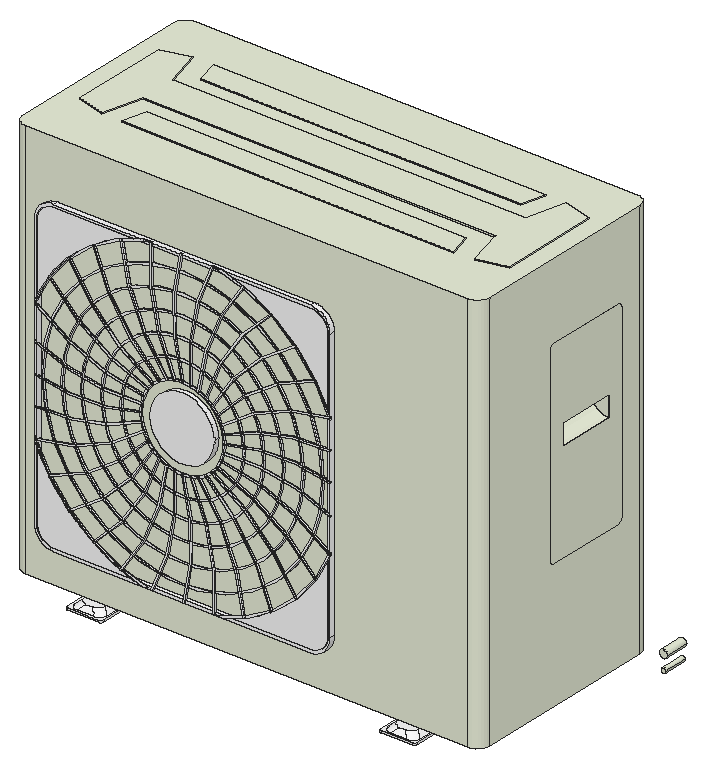
Revit family "ККБ REA I2 14 инвертор", category Оборудование, Revit 2022
Family settings
  Размер круглого соединителя = Использовать радиус
  Тип детали = Нормальный
  Номер OmniClass = 23.75.00.00
  Заголовок OmniClass = Climate Control (HVAC)
  На основе рабочей плоскости = Нет
  Всегда вертикально = Да
  При загрузке вырезать с полостями = Нет
  Сохранять ориентацию аннотаций = Нет
  Общий = Нет
  Точка принадлежности помещению = Нет
Parameters (values of type "ККБ REA I2 14 инвертор")
  Отметка по умолчанию = 0.000 mm
  clearance access right = 600.000 mm
  clearance access left = 300.000 mm
  clearance access front = 2000.000 mm
  clearance access behind = 300.000 mm
  clearance [instance] = no
  Width = 950.000 mm
  Series = "CCU"
  Power supply = "220-240V 1Ph~50Hz/60Hz"
  Net Weight = 75.00 kg
  Группа модели = "ККБ REA I2 14 инвертор"
  Minimum Circuit Amps = 40 A
  Min cable selection (power wiring) = "3×6 mm2"
  Maximum Fuse Amps = 40 A
  Изготовитель = "WAER"  # constant formula
  Liquid pipe Radius = 0.5 * Liquid pipe  # 4.765 mm
  Liquid pipe = 9.530 mm
  Installation = "Outdoor installation"
  Height = 840.000 mm
  Heating Power Input = 3.98 kW
  Heating Capacity = 16.00 kW
  Gas pipe Radius = 0.5 * Gas pipe  # 7.950 mm
  Gas pipe = 15.900 mm
  Gas = "R410A"
  Описание = "High efficiency air cooled"
  Depth = 440.000 mm
  Cooling Power Input = 3.97 kW
  Cooling Capacity = 14.00 kW
  Condensation = "Air"
  Compressor = "1"
  Casing color = "SB2098"
  Air Flow = 5200.00 m³/h
Reference planes
  plane 1 "Center (Front/Back)": y = 0
  plane 2: z = 0
  plane 3 "Center (Left/Right)": x = 0
  plane 4: y = 221
  plane 5: y = -139
  plane 6: x = -473
  plane 7: x = 473
  plane 8: z = 406.5
  plane 9: z = 300.608
  plane 10: z = 840
  plane 11: x = 557
Forms (mm)
  Extrusion 1, solid, material "Galvanized Steel", detail levels medium+fine
    sketch origin (-463, 0, 789) x (1, 0, 0) y (0, 1, 0)
      loop
        line (911, 240) -> (15, 240)
        arc (15, 240) -> (-2.678, 232.678) -> (-10, 215) r 25
        line (-10, 215) -> (-10, -165)
        arc (-10, -165) -> (-2.678, -182.678) -> (15, -190) r 25
        line (15, -190) -> (911, -190)
        arc (911, -190) -> (928.678, -182.678) -> (936, -165) r 25
        line (936, -165) -> (936, 215)
        arc (936, 215) -> (928.678, 232.678) -> (911, 240) r 25
    from -765 to 49
  Extrusion 2, void
    sketch origin (0, 0, 0) x (1, 0, 0) y (0, 0, 1)
      loop
        circle (-122.999, 406.499) r 286
    from 100 to 177
  Extrusion 3, solid, material "Galvanized Steel", detail levels fine
    sketch origin (0, 20, 0) x (1, 0, 0) y (0, 1, 0)
      loop
        line (-436.632, 111.286) -> (-436.632, -88.714) -> (-378.677, -104.243) -> (-357.971, -26.969) -> (0, -26.969) -> (357.971, -26.969) -> (378.677, -104.243) -> (436.632, -88.714) -> (436.632, 111.286) -> (378.677, 126.816) -> (357.971, 49.542) -> (0, 49.542) -> (-357.971, 49.542) -> (-378.677, 126.816) -> (-436.632, 111.286)
      loop
        line (-337.266, 126.816) -> (-324.511, 79.213) -> (0, 79.213) -> (324.511, 79.213) -> (337.266, 126.816) -> (0, 126.816) -> (-337.266, 126.816)
      loop
        line (-337.266, -106.816) -> (0, -106.816) -> (337.266, -106.816) -> (324.511, -59.213) -> (0, -59.213) -> (-324.511, -59.213) -> (-337.266, -106.816)
    from 838 to 840
  Extrusion 4, solid, material "Galvanized Steel", detail levels fine
    sketch origin (0, 5, 0) x (0, 1, 0) y (0, 0, 1)
      loop
        arc (-8.433, 685.069) -> (-15.504, 682.14) -> (-18.433, 675.069) r 10
        line (-18.433, 675.069) -> (-18.433, 295.069)
        arc (-18.433, 295.069) -> (-15.504, 287.998) -> (-8.433, 285.069) r 10
        line (-8.433, 285.069) -> (151.567, 285.069)
        arc (151.567, 285.069) -> (158.638, 287.998) -> (161.567, 295.069) r 10
        line (161.567, 295.069) -> (161.567, 675.069)
        arc (161.567, 675.069) -> (158.638, 682.14) -> (151.567, 685.069) r 10
        line (151.567, 685.069) -> (-8.433, 685.069)
    from 473 to 475
  Extrusion 5, solid, material "Galvanized Steel", detail levels fine
    sketch origin (-473, 221, 810) x (1, 0, 0) y (0, 0, -1)
      loop
        line (721.211, 499.033) -> (721.211, 179.033)
        arc (721.211, 179.033) -> (811.211, 89.033) -> (901.211, 179.033) r 90
        line (901.211, 179.033) -> (901.211, 499.033)
        arc (901.211, 499.033) -> (811.211, 589.033) -> (721.211, 499.033) r 90
    from -362 to -360
  Extrusion 6, void
    sketch origin (-438, -141, 810) x (1, 0, 0) y (0, 0, -1)
      loop
        line (731.52, 217.5) -> (811.52, 217.5) -> (811.52, 257.5) -> (731.52, 257.5) -> (731.52, 217.5)
    from 0 to 30.666
  Extrusion 7, void
    sketch origin (2, 0, 0) x (1, 0, 0) y (0, 0, 1)
      loop
        line (446.25, 532.035) -> (428.211, 532.035)
        arc (428.211, 532.035) -> (441.329, 500.364) -> (473, 487.246) r 44.789
        line (473, 487.246) -> (473, 532.035) -> (446.25, 532.035)
    from -137.024 to -16.461
  Extrusion 8, solid, material "Galvanized Steel"
    sketch origin (610.133, -190, 799) x (-1, 0, 0) y (0, 0, -1)
      loop
        circle (30.982, 736.541) r 4.765
    from -381 to -333.512
  Extrusion 9, solid, material "Galvanized Steel"
    sketch origin (610.133, -190, 829) x (-1, 0, 0) y (0, 0, -1)
      loop
        circle (30.982, 736.541) r 7.95
    from -381 to -333.512
Cuts and joins
  Extrusion 2, Extrusion 6, Extrusion 7 cuts Extrusion 1
  Extrusion 6 cuts Extrusion 5
  Extrusion 7 cuts Extrusion 4
Lines and regions (mm)
  model lines
    curve 1: line (-473, 221, 24) -> (-473, -139, 24)
    curve 2: line (473, 221, 24) -> (-473, 221, 24)
    curve 3: line (473, -139, 24) -> (473, 221, 24)
    curve 4: line (-473, -139, 24) -> (473, -139, 24)
    curve 5: line (473, 221, 838) -> (473, 221, 24)
    curve 6: line (-473, 221, 24) -> (-473, 221, 838)
    curve 7: line (625.133, -190, 838) -> (625.133, -190, 24)
    curve 8: line (-320.867, -190, 24) -> (-320.867, -190, 838)
    curve 9: line (473, -139, 838) -> (473, 221, 838)
    curve 10: line (473, 221, 838) -> (-473, 221, 838)
    curve 11: line (-473, 221, 838) -> (-473, -139, 838)
    curve 12: line (-473, -139, 838) -> (473, -139, 838)
Dimensions and locks
  aligned and locked: level to plane 2
Nested families
  nested 1: "xiaodijia2" at (318, 20, 0), type "xiaodijia2", detail levels medium+fine
  nested 2: "xiaodijia2" at (-318, 20, 0), type "xiaodijia2", detail levels medium+fine
  nested 3: "fengkou300（fangxing2）" at (-123, -200, 406.5) x (1, 0, 0) z (0, 1, 0), type "fengkou300（fangxing2）", detail levels medium+fine
  nested 4: "fengshan270" at (-122.996, -125, 406.5) x (0, 0, 1) z (0, -1, 0), type "fengshan270", detail levels fine
  nested 5: "service space" at (473, -200, 0), Height <- "Height", visible <- "clearance", type "Midea Service  Space"
    with Width 600.000 mm, Height 840.000 mm, Depth 440.000 mm
  nested 6: "service space" at (-773, -200, 0), Height <- "Height", visible <- "clearance", type "Midea Service  Space"
    with Width 300.000 mm, Height 840.000 mm, Depth 440.000 mm
  nested 7: "service space" at (-473, 240, 0), Height <- "Height", visible <- "clearance", type "Midea Service  Space"
    with Width 946.000 mm, Height 840.000 mm, Depth 300.000 mm
  nested 8: "service space" at (-473, -2200, 0), Height <- "Height", visible <- "clearance", type "Midea Service  Space"
    with Width 946.000 mm, Height 840.000 mm, Depth 2000.000 mm
Connectors
  electrical at (333.52, -141, 572.5)
    settings: on cut or joined group of Extrusion 5, Extrusion 6, index 1, voltage 220 V, apparent load 0 VA, apparent load phase1 0 VA, apparent load phase2 0 VA, apparent load phase3 0 VA, power factor 1, load classification "HVAC", number of poles 1, system type 30, power factor state 1, is connector primary yes, connector utility no, sub classification motor no, connector description ""
  piping at (579.151, 191, 62.459), diameter 9.53, driven by "Liquid pipe Radius"
    settings: on Extrusion 8, index 2, connector inside diameter 0.3752", connector length 0.000 mm, flow factor 0, pipe flow 0 GPM, pressure drop 0.00 psi, fitting loss kfactor 0, connector angle 0.00°, fixture units 0, engagement length 0.000 mm, angle of deflection 0.00°, flow configuration 0, flow direction 0, fitting loss method 0, system type 7, joint type 0, gender type 0, connector reference index -1, connector utility 0, adjustable connector no, is connector primary yes, connector description ""
  piping at (579.151, 191, 92.459), diameter 15.9, driven by "Gas pipe Radius"
    settings: on Extrusion 9, index 3, connector inside diameter 0.62598", connector length 0.000 mm, flow factor 0, pipe flow 0 GPM, pressure drop 0.00 psi, fitting loss kfactor 0, connector angle 0.00°, fixture units 0, engagement length 0.000 mm, angle of deflection 0.00°, flow configuration 0, flow direction 0, fitting loss method 0, system type 8, joint type 0, gender type 0, connector reference index -1, connector utility 0, adjustable connector no, is connector primary no, connector description ""
Definition of nested family "xiaodijia2"
  Parameters
    Default Elevation = 0.000 mm
  Reference planes
    plane 1 "Center (Front/Back)": y = 0
    plane 2: z = 0
    plane 3 "Center (Left/Right)": x = 0
    plane 4: y = 227
    plane 5: x = -36.5
    plane 6: x = 36.5
    plane 7: z = 12
    plane 8: z = 3
    plane 9: z = 24
    plane 10: y = -20
    plane 11: y = 20
    plane 12: x = 21.5
    plane 13: x = -21.5
    plane 14: y = 190
    plane 15: y = -190
    plane 16: x = -6
    plane 17: x = 6
    plane 18: y = -186
    plane 19: y = -194
  Forms (mm)
    Blend 1, solid
      base sketch origin (0, 0, 0) x (1, 0, 0) y (0, 1, 0)
        loop
          line (6.5, 212) -> (-6.5, 212)
          arc (-6.5, 212) -> (-17.107, 207.607) -> (-21.5, 197) r 15
          line (-21.5, 197) -> (-21.5, -197)
          arc (-21.5, -197) -> (-17.107, -207.607) -> (-6.5, -212) r 15
          line (-6.5, -212) -> (6.5, -212)
          arc (6.5, -212) -> (17.107, -207.607) -> (21.5, -197) r 15
          line (21.5, -197) -> (21.5, 197)
          arc (21.5, 197) -> (17.107, 207.607) -> (6.5, 212) r 15
      top sketch origin (0, 0, 0) x (1, 0, 0) y (0, 1, 0)
        loop
          line (26.5, 222) -> (-26.5, 222)
          arc (-26.5, 222) -> (-30.036, 220.536) -> (-31.5, 217) r 5
          line (-31.5, 217) -> (-31.5, -207)
          arc (-31.5, -207) -> (-27.107, -217.607) -> (-16.5, -222) r 15
          line (-16.5, -222) -> (16.5, -222)
          arc (16.5, -222) -> (27.107, -217.607) -> (31.5, -207) r 15
          line (31.5, -207) -> (31.5, 217)
          arc (31.5, 217) -> (30.036, 220.536) -> (26.5, 222) r 5
      from 12 to 3
    Blend 2, void
      base sketch origin (0, 0, 0) x (1, 0, 0) y (0, 1, 0)
        loop
          line (6.5, 202) -> (-6.5, 202)
          arc (-6.5, 202) -> (-10.036, 200.536) -> (-11.5, 197) r 5
          line (-11.5, 197) -> (-11.5, -197)
          arc (-11.5, -197) -> (-10.036, -200.536) -> (-6.5, -202) r 5
          line (-6.5, -202) -> (6.5, -202)
          arc (6.5, -202) -> (10.036, -200.536) -> (11.5, -197) r 5
          line (11.5, -197) -> (11.5, 197)
          arc (11.5, 197) -> (10.036, 200.536) -> (6.5, 202) r 5
      top sketch origin (0, 0, 0) x (1, 0, 0) y (0, 1, 0)
        loop
          line (31.5, -207) -> (31.5, 217)
          arc (31.5, 217) -> (30.036, 220.536) -> (26.5, 222) r 5
          line (26.5, 222) -> (-26.5, 222)
          arc (-26.5, 222) -> (-30.036, 220.536) -> (-31.5, 217) r 5
          line (-31.5, 217) -> (-31.5, -207)
          arc (-31.5, -207) -> (-27.107, -217.607) -> (-16.5, -222) r 15
          line (-16.5, -222) -> (16.5, -222)
          arc (16.5, -222) -> (27.107, -217.607) -> (31.5, -207) r 15
      from 8.355 to 3
    Extrusion 3, solid
      sketch origin (0, 0, 0) x (1, 0, 0) y (0, 1, 0)
        loop
          arc (-31.5, 227) -> (-35.036, 225.536) -> (-36.5, 222) r 5
          line (-36.5, 222) -> (-36.5, -222)
          arc (-36.5, -222) -> (-35.036, -225.536) -> (-31.5, -227) r 5
          line (-31.5, -227) -> (31.5, -227)
          arc (31.5, -227) -> (35.036, -225.536) -> (36.5, -222) r 5
          line (36.5, -222) -> (36.5, 222)
          arc (36.5, 222) -> (35.036, 225.536) -> (31.5, 227) r 5
          line (31.5, 227) -> (-31.5, 227)
        loop
          arc (-26.5, 222) -> (-30.036, 220.536) -> (-31.5, 217) r 5
          line (-31.5, 217) -> (-31.5, -207)
          arc (-31.5, -207) -> (-27.107, -217.607) -> (-16.5, -222) r 15
          line (-16.5, -222) -> (16.5, -222)
          arc (16.5, -222) -> (27.107, -217.607) -> (31.5, -207) r 15
          line (31.5, -207) -> (31.5, 217)
          arc (31.5, 217) -> (30.036, 220.536) -> (26.5, 222) r 5
          line (26.5, 222) -> (-26.5, 222)
      from 0 to 3
    Extrusion 4, solid
      sketch origin (0, 0, 0) x (0, 1, 0) y (0, 0, 1)
        loop
          arc (-19.275, 24) -> (-19.902, 23.667) -> (-20.264, 23.056) r 1.312
          line (-20.264, 23.056) -> (-22.833, 13.434)
          arc (-22.833, 13.434) -> (-23.437, 12.605) -> (-24.266, 12) r 3.318
          line (-24.266, 12) -> (24.266, 12)
          arc (24.266, 12) -> (23.437, 12.605) -> (22.833, 13.434) r 3.318
          line (22.833, 13.434) -> (20.264, 23.056)
          arc (20.264, 23.056) -> (19.902, 23.667) -> (19.275, 24) r 1.312
          line (19.275, 24) -> (-19.275, 24)
      from -21.5 to 21.5
    Extrusion 5, solid
      sketch origin (0, 150, 0) x (0, 1, 0) y (0, 0, 1)
        loop
          arc (-19.275, 24) -> (-19.902, 23.667) -> (-20.264, 23.056) r 1.312
          line (-20.264, 23.056) -> (-22.833, 13.434)
          arc (-22.833, 13.434) -> (-23.437, 12.605) -> (-24.266, 12) r 3.318
          line (-24.266, 12) -> (24.266, 12)
          arc (24.266, 12) -> (23.437, 12.605) -> (22.833, 13.434) r 3.318
          line (22.833, 13.434) -> (20.264, 23.056)
          arc (20.264, 23.056) -> (19.902, 23.667) -> (19.275, 24) r 1.312
          line (19.275, 24) -> (-19.275, 24)
      from -21.5 to 21.5
    Extrusion 6, solid
      sketch origin (0, -150, 0) x (0, 1, 0) y (0, 0, 1)
        loop
          arc (-19.275, 24) -> (-19.902, 23.667) -> (-20.264, 23.056) r 1.312
          line (-20.264, 23.056) -> (-22.833, 13.434)
          arc (-22.833, 13.434) -> (-23.437, 12.605) -> (-24.266, 12) r 3.318
          line (-24.266, 12) -> (24.266, 12)
          arc (24.266, 12) -> (23.437, 12.605) -> (22.833, 13.434) r 3.318
          line (22.833, 13.434) -> (20.264, 23.056)
          arc (20.264, 23.056) -> (19.902, 23.667) -> (19.275, 24) r 1.312
          line (19.275, 24) -> (-19.275, 24)
      from -21.5 to 21.5
    Extrusion 7, void
      sketch origin (0, 0, 0) x (1, 0, 0) y (0, 1, 0)
        loop
          arc (-6, -186) -> (-10, -190) -> (-6, -194) r 4
          line (-6, -194) -> (6, -194)
          arc (6, -194) -> (10, -190) -> (6, -186) r 4
          line (6, -186) -> (-6, -186)
        loop
          line (-6, 186) -> (6, 186)
          arc (6, 186) -> (10, 190) -> (6, 194) r 4
          line (6, 194) -> (-6, 194)
          arc (-6, 194) -> (-10, 190) -> (-6, 186) r 4
      from 0 to 20
  Cuts and joins
    Blend 2, Extrusion 7 cuts Blend 1
  Dimensions and locks
    aligned and locked: level to plane 2
Definition of nested family "fengkou300（fangxing2）"
  Parameters
    Default Elevation = 0.000 mm
    Series = ""
    Machine material = none
    Installation = ""
    Gas = ""
    Condensation = ""
  Reference planes
    plane 1 "Center (Front/Back)": y = 0
    plane 2: z = 0
    plane 3 "Center (Left/Right)": x = 0
    plane 4: y = 316
    plane 5: y = -316
    plane 6: x = -300
    plane 7: x = 300
    plane 8: through (306.104, -306.102, 1219.2) normal (-0.7071, -0.7071, 0)
    plane 9: through (-306.478, -306.479, 1219.2) normal (0.7071, -0.7071, 0)
  Forms (mm)
    Extrusion 1, solid, material <- "Machine material"
      sketch origin (0, 0, 0) x (1, 0, 0) y (0, 1, 0)
        loop
          arc (-260, 316) -> (-288.284, 304.284) -> (-300, 276) r 40
          line (-300, 276) -> (-300, -276)
          arc (-300, -276) -> (-288.284, -304.284) -> (-260, -316) r 40
          line (-260, -316) -> (260, -316)
          arc (260, -316) -> (288.284, -304.284) -> (300, -276) r 40
          line (300, -276) -> (300, 276)
          arc (300, 276) -> (288.284, 304.284) -> (260, 316) r 40
          line (260, 316) -> (-260, 316)
        loop
          line (260, 311) -> (-260, 311)
          arc (-260, 311) -> (-284.749, 300.749) -> (-295, 276) r 35
          line (-295, 276) -> (-295, -276)
          arc (-295, -276) -> (-284.749, -300.749) -> (-260, -311) r 35
          line (-260, -311) -> (260, -311)
          arc (260, -311) -> (284.749, -300.749) -> (295, -276) r 35
          line (295, -276) -> (295, 276)
          arc (295, 276) -> (284.749, 300.749) -> (260, 311) r 35
      from 0 to 10
    Extrusion 2, solid, material <- "Machine material"
      sketch origin (-1059.446, 0, 0) x (1, 0, 0) y (0, 1, 0)
        loop
          arc (1057.944, 325.999) -> (1075.678, 204.494) -> (1057.944, 82.989) r 425.111
          line (1057.944, 82.989) -> (1060.944, 82.989)
          arc (1060.944, 82.989) -> (1079.329, 204.494) -> (1060.944, 325.999) r 410.684
          line (1060.944, 325.999) -> (1057.944, 325.999)
        loop
          arc (1060.948, -325.999) -> (1043.214, -204.494) -> (1060.948, -82.989) r 425.111
          line (1060.948, -82.989) -> (1057.948, -82.989)
          arc (1057.948, -82.989) -> (1039.562, -204.494) -> (1057.948, -325.999) r 410.684
          line (1057.948, -325.999) -> (1060.948, -325.999)
        loop
          arc (1385.445, 1.502) -> (1263.939, -16.232) -> (1142.434, 1.502) r 425.111
          line (1142.434, 1.502) -> (1142.434, -1.498)
          arc (1142.434, -1.498) -> (1263.939, -19.884) -> (1385.445, -1.498) r 410.684
          line (1385.445, -1.498) -> (1385.445, 1.502)
        loop
          arc (733.447, -1.502) -> (854.952, 16.232) -> (976.457, -1.502) r 425.111
          line (976.457, -1.502) -> (976.457, 1.498)
          arc (976.457, 1.498) -> (854.952, 19.884) -> (733.447, 1.498) r 410.684
          line (733.447, 1.498) -> (733.447, -1.502)
        loop
          arc (1288.9, 231.578) -> (1215.522, 133.121) -> (1117.065, 59.744) r 425.111
          line (1117.065, 59.744) -> (1119.187, 57.623)
          arc (1119.187, 57.623) -> (1218.105, 130.539) -> (1291.021, 229.457) r 410.684
          line (1291.021, 229.457) -> (1288.9, 231.578)
        loop
          arc (829.992, -231.578) -> (903.369, -133.121) -> (1001.826, -59.744) r 425.111
          line (1001.826, -59.744) -> (999.705, -57.623)
          arc (999.705, -57.623) -> (900.787, -130.539) -> (827.871, -229.457) r 410.684
          line (827.871, -229.457) -> (829.992, -231.578)
        loop
          arc (1291.024, -229.454) -> (1192.567, -156.077) -> (1119.19, -57.62) r 425.111
          line (1119.19, -57.62) -> (1117.068, -59.741)
          arc (1117.068, -59.741) -> (1189.985, -158.659) -> (1288.903, -231.575) r 410.684
          line (1288.903, -231.575) -> (1291.024, -229.454)
        loop
          arc (827.868, 229.454) -> (926.325, 156.077) -> (999.702, 57.62) r 425.111
          line (999.702, 57.62) -> (1001.823, 59.741)
          arc (1001.823, 59.741) -> (928.907, 158.659) -> (829.989, 231.575) r 410.684
          line (829.989, 231.575) -> (827.868, 229.454)
        loop
          arc (1182.812, 301.758) -> (1152.699, 182.716) -> (1089.816, 77.246) r 425.111
          line (1089.816, 77.246) -> (1092.588, 76.098)
          arc (1092.588, 76.098) -> (1156.072, 181.318) -> (1185.584, 300.61) r 410.684
          line (1185.584, 300.61) -> (1182.812, 301.758)
        loop
          arc (936.079, -301.758) -> (966.193, -182.716) -> (1029.075, -77.246) r 425.111
          line (1029.075, -77.246) -> (1026.304, -76.098)
          arc (1026.304, -76.098) -> (962.819, -181.318) -> (933.308, -300.61) r 410.684
          line (933.308, -300.61) -> (936.079, -301.758)
        loop
          arc (1361.204, -123.366) -> (1242.162, -93.253) -> (1136.692, -30.371) r 425.111
          line (1136.692, -30.371) -> (1135.544, -33.142)
          arc (1135.544, -33.142) -> (1240.764, -96.626) -> (1360.056, -126.138) r 410.684
          line (1360.056, -126.138) -> (1361.204, -123.366)
        loop
          arc (757.687, 123.366) -> (876.73, 93.253) -> (982.199, 30.371) r 425.111
          line (982.199, 30.371) -> (983.347, 33.142)
          arc (983.347, 33.142) -> (878.127, 96.626) -> (758.835, 126.138) r 410.684
          line (758.835, 126.138) -> (757.687, 123.366)
        loop
          arc (1360.054, 126.142) -> (1254.585, 63.26) -> (1135.542, 33.146) r 425.111
          line (1135.542, 33.146) -> (1136.69, 30.375)
          arc (1136.69, 30.375) -> (1255.982, 59.886) -> (1361.203, 123.37) r 410.684
          line (1361.203, 123.37) -> (1360.054, 126.142)
        loop
          arc (758.837, -126.142) -> (864.307, -63.26) -> (983.349, -33.146) r 425.111
          line (983.349, -33.146) -> (982.201, -30.375)
          arc (982.201, -30.375) -> (862.909, -59.886) -> (757.689, -123.37) r 410.684
          line (757.689, -123.37) -> (758.837, -126.142)
        loop
          arc (1185.588, -300.609) -> (1122.706, -195.139) -> (1092.592, -76.097) r 425.111
          line (1092.592, -76.097) -> (1089.82, -77.245)
          arc (1089.82, -77.245) -> (1119.332, -196.537) -> (1182.816, -301.757) r 410.684
          line (1182.816, -301.757) -> (1185.588, -300.609)
        loop
          arc (933.304, 300.609) -> (996.186, 195.139) -> (1026.3, 76.097) r 425.111
          line (1026.3, 76.097) -> (1029.071, 77.245)
          arc (1029.071, 77.245) -> (999.56, 196.537) -> (936.075, 301.757) r 410.684
          line (936.075, 301.757) -> (933.304, 300.609)
        loop
          arc (1121.572, 320.028) -> (1115.261, 197.398) -> (1074.163, 81.687) r 425.111
          line (1074.163, 81.687) -> (1077.105, 81.102)
          arc (1077.105, 81.102) -> (1118.842, 196.685) -> (1124.514, 319.443) r 410.684
          line (1124.514, 319.443) -> (1121.572, 320.028)
        loop
          arc (997.32, -320.028) -> (1003.631, -197.398) -> (1044.729, -81.687) r 425.111
          line (1044.729, -81.687) -> (1041.786, -81.102)
          arc (1041.786, -81.102) -> (1000.049, -196.685) -> (994.378, -319.443) r 410.684
          line (994.378, -319.443) -> (997.32, -320.028)
        loop
          arc (1379.474, -62.126) -> (1256.843, -55.815) -> (1141.133, -14.717) r 425.111
          line (1141.133, -14.717) -> (1140.548, -17.659)
          arc (1140.548, -17.659) -> (1256.131, -59.396) -> (1378.888, -65.068) r 410.684
          line (1378.888, -65.068) -> (1379.474, -62.126)
        loop
          arc (739.418, 62.126) -> (862.048, 55.815) -> (977.759, 14.717) r 425.111
          line (977.759, 14.717) -> (978.344, 17.659)
          arc (978.344, 17.659) -> (862.761, 59.396) -> (740.003, 65.068) r 410.684
          line (740.003, 65.068) -> (739.418, 62.126)
        loop
          arc (1329.669, 182.364) -> (1238.494, 100.114) -> (1127.614, 47.355) r 425.111
          line (1127.614, 47.355) -> (1129.28, 44.861)
          arc (1129.28, 44.861) -> (1240.523, 97.078) -> (1331.336, 179.87) r 410.684
          line (1331.336, 179.87) -> (1329.669, 182.364)
        loop
          arc (789.222, -182.364) -> (880.397, -100.114) -> (991.278, -47.355) r 425.111
          line (991.278, -47.355) -> (989.611, -44.861)
          arc (989.611, -44.861) -> (878.369, -97.078) -> (787.556, -179.87) r 410.684
          line (787.556, -179.87) -> (789.222, -182.364)
        loop
          arc (1241.81, -270.223) -> (1159.56, -179.048) -> (1106.801, -68.168) r 425.111
          line (1106.801, -68.168) -> (1104.306, -69.835)
          arc (1104.306, -69.835) -> (1156.524, -181.077) -> (1239.316, -271.89) r 410.684
          line (1239.316, -271.89) -> (1241.81, -270.223)
        loop
          arc (877.082, 270.223) -> (959.332, 179.048) -> (1012.091, 68.168) r 425.111
          line (1012.091, 68.168) -> (1014.585, 69.835)
          arc (1014.585, 69.835) -> (962.368, 181.077) -> (879.576, 271.89) r 410.684
          line (879.576, 271.89) -> (877.082, 270.223)
        loop
          arc (1239.312, 271.893) -> (1186.553, 161.012) -> (1104.303, 69.837) r 425.111
          line (1104.303, 69.837) -> (1106.797, 68.17)
          arc (1106.797, 68.17) -> (1189.589, 158.984) -> (1241.806, 270.226) r 410.684
          line (1241.806, 270.226) -> (1239.312, 271.893)
        loop
          arc (879.58, -271.893) -> (932.339, -161.012) -> (1014.589, -69.837) r 425.111
          line (1014.589, -69.837) -> (1012.094, -68.17)
          arc (1012.094, -68.17) -> (929.303, -158.984) -> (877.085, -270.226) r 410.684
          line (877.085, -270.226) -> (879.58, -271.893)
        loop
          arc (1331.338, -179.866) -> (1220.458, -127.107) -> (1129.283, -44.857) r 425.111
          line (1129.283, -44.857) -> (1127.616, -47.351)
          arc (1127.616, -47.351) -> (1218.429, -130.143) -> (1329.672, -182.361) r 410.684
          line (1329.672, -182.361) -> (1331.338, -179.866)
        loop
          arc (787.553, 179.866) -> (898.434, 127.107) -> (989.609, 44.857) r 425.111
          line (989.609, 44.857) -> (991.275, 47.351)
          arc (991.275, 47.351) -> (900.462, 130.143) -> (789.22, 182.361) r 410.684
          line (789.22, 182.361) -> (787.553, 179.866)
        loop
          arc (1378.887, 65.072) -> (1263.177, 23.975) -> (1140.547, 17.664) r 425.111
          line (1140.547, 17.664) -> (1141.132, 14.721)
          arc (1141.132, 14.721) -> (1263.889, 20.393) -> (1379.473, 62.13) r 410.684
          line (1379.473, 62.13) -> (1378.887, 65.072)
        loop
          arc (740.004, -65.072) -> (855.715, -23.975) -> (978.345, -17.664) r 425.111
          line (978.345, -17.664) -> (977.76, -14.721)
          arc (977.76, -14.721) -> (855.002, -20.393) -> (739.419, -62.13) r 410.684
          line (739.419, -62.13) -> (740.004, -65.072)
        loop
          arc (1124.518, -319.442) -> (1083.42, -203.731) -> (1077.109, -81.101) r 425.111
          line (1077.109, -81.101) -> (1074.167, -81.686)
          arc (1074.167, -81.686) -> (1079.839, -204.444) -> (1121.576, -320.027) r 410.684
          line (1121.576, -320.027) -> (1124.518, -319.442)
        loop
          arc (994.373, 319.442) -> (1035.471, 203.731) -> (1041.782, 81.101) r 425.111
          line (1041.782, 81.101) -> (1044.725, 81.686)
          arc (1044.725, 81.686) -> (1039.053, 204.444) -> (997.316, 320.027) r 410.684
          line (997.316, 320.027) -> (994.373, 319.442)
      from 0 to 2
    Extrusion 3, solid, material <- "Machine material"
      sketch origin (-1059.446, 0, 0) x (1, 0, 0) y (0, 1, 0)
        loop
          circle (1059.448, 0) r 65
      from 0 to 20
    Extrusion 4, solid, material <- "Machine material"
      sketch origin (0, 0, 0) x (1, 0, 0) y (0, 1, 0)
        loop
          circle (0, 0.002) r 326
        loop
          circle (0, 0.002) r 323
        loop
          circle (0, 0.002) r 286
        loop
          circle (0, 0.002) r 283
        loop
          circle (0, 0.002) r 246
        loop
          circle (0, 0.002) r 243
        loop
          circle (0, 0.002) r 206
        loop
          circle (0, 0.002) r 203
        loop
          circle (0, 0.002) r 166
        loop
          circle (0, 0.002) r 163
        loop
          circle (0, 0.002) r 126
        loop
          circle (0, 0.002) r 123
        loop
          circle (0, 0.002) r 86
        loop
          circle (0, 0.002) r 83
      from 0 to 2
    Extrusion 5, void
      sketch origin (0, 0, 0) x (1, 0, 0) y (0, 1, 0)
        loop
          line (260, 316) -> (-260, 316)
          arc (-260, 316) -> (-288.284, 304.284) -> (-300, 276) r 40
          line (-300, 276) -> (-300, -276)
          arc (-300, -276) -> (-288.284, -304.284) -> (-260, -316) r 40
          line (-260, -316) -> (260, -316)
          arc (260, -316) -> (288.284, -304.284) -> (300, -276) r 40
          line (300, -276) -> (300, 276)
          arc (300, 276) -> (288.284, 304.284) -> (260, 316) r 40
        loop
          arc (-260, 416) -> (-358.995, 374.995) -> (-400, 276) r 140
          line (-400, 276) -> (-400, -276)
          arc (-400, -276) -> (-358.995, -374.995) -> (-260, -416) r 140
          line (-260, -416) -> (260, -416)
          arc (260, -416) -> (358.995, -374.995) -> (400, -276) r 140
          line (400, -276) -> (400, 276)
          arc (400, 276) -> (358.995, 374.995) -> (260, 416) r 140
          line (260, 416) -> (-260, 416)
      from 0 to 250
    Extrusion 6, solid, material <- "Machine material"
      sketch origin (0, 0, 0) x (1, 0, 0) y (0, 1, 0)
        loop
          line (-97.757, 311) -> (-260, 311)
          arc (-260, 311) -> (-284.749, 300.749) -> (-295, 276) r 35
          line (-295, 276) -> (-295, 138.75)
          arc (-295, 138.75) -> (-214.434, 245.551) -> (-97.757, 311) r 326
        loop
          arc (-295, -276) -> (-284.749, -300.749) -> (-260, -311) r 35
          line (-260, -311) -> (-97.743, -311)
          arc (-97.743, -311) -> (-214.429, -245.551) -> (-295, -138.746) r 326
          line (-295, -138.746) -> (-295, -276)
        loop
          arc (260, -311) -> (284.749, -300.749) -> (295, -276) r 35
          line (295, -276) -> (295, -138.746)
          arc (295, -138.746) -> (214.429, -245.551) -> (97.743, -311) r 326
          line (97.743, -311) -> (260, -311)
        loop
          arc (295, 276) -> (284.749, 300.749) -> (260, 311) r 35
          line (260, 311) -> (97.757, 311)
          arc (97.757, 311) -> (214.434, 245.551) -> (295, 138.75) r 326
          line (295, 138.75) -> (295, 276)
      from 0 to 2
  Cuts and joins
    Extrusion 5 cuts Extrusion 1
    Extrusion 5 cuts Extrusion 2
    Extrusion 5 cuts Extrusion 4
  Dimensions and locks
    aligned and locked: level to plane 2
Definition of nested family "fengshan270"
  Parameters
    Default Elevation = 0.000 mm
  Reference planes
    plane 1 "Center (Front/Back)": y = 0
    plane 2: z = 0
    plane 3 "Center (Left/Right)": x = 0
  Forms (mm)
    Extrusion 1, solid
      sketch origin (0, 0, 0) x (1, 0, 0) y (0, 1, 0)
        loop
          circle (0, 0) r 50
      from 0 to 30
    Extrusion 2, solid
      sketch origin (-20, 0, 0) x (0, -1, 0) y (1, 0, 0)
        loop
          arc (32.105, 288.084) -> (-94.042, 273.093) -> (-199.371, 202.075) r 270
          arc (-199.371, 202.075) -> (-134.798, 110.882) -> (-35, 60.622) r 231.205
          arc (-35, 60.622) -> (0, 70) -> (35, 60.622) r 70
          arc (35, 60.622) -> (-8.793, 173.814) -> (32.105, 288.084) r 173.918
      from 0 to 30
    Extrusion 3, solid
      sketch origin (20, 0, 0) x (0, 1, 0) y (-1, 0, 0)
        loop
          arc (32.105, 288.084) -> (-94.042, 273.093) -> (-199.371, 202.075) r 270
          arc (-199.371, 202.075) -> (-134.798, 110.882) -> (-35, 60.622) r 231.205
          arc (-35, 60.622) -> (0, 70) -> (35, 60.622) r 70
          arc (35, 60.622) -> (-8.793, 173.814) -> (32.105, 288.084) r 173.918
      from 0 to 30
    Extrusion 4, solid
      sketch origin (0, 0, 0) x (1, 0, 0) y (0, 1, 0)
        loop
          arc (32.105, 268.084) -> (-94.042, 253.093) -> (-199.371, 182.075) r 270
          arc (-199.371, 182.075) -> (-134.798, 90.882) -> (-35, 40.622) r 231.205
          arc (-35, 40.622) -> (0, 50) -> (35, 40.622) r 70
          arc (35, 40.622) -> (-8.793, 153.814) -> (32.105, 268.084) r 173.918
        loop
          arc (199.371, -182.075) -> (134.798, -90.882) -> (35, -40.622) r 231.205
          arc (35, -40.622) -> (0, -50) -> (-35, -40.622) r 70
          arc (-35, -40.622) -> (8.793, -153.814) -> (-32.105, -268.084) r 173.918
          arc (-32.105, -268.084) -> (94.042, -253.093) -> (199.371, -182.075) r 270
      from 0 to 30
  Dimensions and locks
    aligned and locked: level to plane 2
Definition of nested family "service space"
  Parameters
    Default Elevation = 0.000 mm
    Width [instance] = 500.000 mm
    Height [instance] = 500.000 mm
    Depth [instance] = 500.000 mm
  Reference planes
    plane 1 "Center (Front/Back)": y = 0
    plane 2: z = 0
    plane 3 "Center (Left/Right)": x = 0
    plane 4: z = 500
    plane 5: y = 500
    plane 6: x = 500
  Forms (mm)
    Extrusion 1, solid
      sketch origin (0, 0, 0) x (1, 0, 0) y (0, 1, 0)
        loop
          line (0, 500) -> (0, 0) -> (500, 0) -> (500, 500) -> (0, 500)
      from 0 to 500
  Dimensions and locks
    "Width": plane 3 "Center (Left/Right)" to plane 6
    "Depth": plane 5 to plane 1 "Center (Front/Back)"
    "Height": level to plane 4
    aligned and locked: level to plane 2
    aligned and locked: plane 5 to Extrusion 1
    aligned and locked: Extrusion 1 to plane 6
    aligned and locked: Extrusion 1 to plane 3 "Center (Left/Right)"
    aligned and locked: plane 1 "Center (Front/Back)" to Extrusion 1
    aligned and locked: Extrusion 1 to plane 4
  Automatic sketch dimensions
    Extrusion 1 sketch curve to plane 3 "Center (Left/Right)" = 0.000 mm
    plane 1 "Center (Front/Back)" to Extrusion 1 sketch curve = 0.000 mm
    Extrusion 1 sketch curve to plane 6 = 0.000 mm
    Extrusion 1 sketch curve to plane 5 = 0.000 mm
